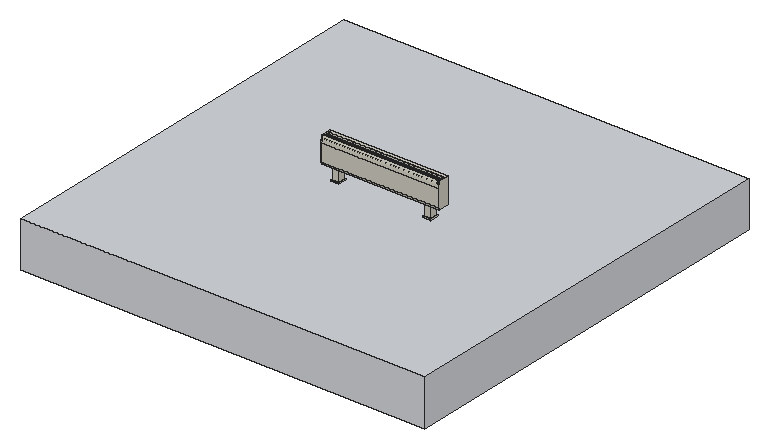
Revit family "Convection_Heater-QMark-DBSL", category Mechanical Equipment, host Face, Revit 2016
Family settings
  Host = Face
  Part Type = Normal
  Round Connector Dimension = Use Diameter
  OmniClass Number = 23.75.70.17.14
  OmniClass Title = Convectors
  Cut with Voids When Loaded = No
  Shared = No
  Room Calculation Point = No
Parameters (values of type "DBSL01")
  Width = 0' - 3 5/8"  # constant formula
  Watts = 250 W
  WMF [instance] = if(and(WM, Front Inlet), 1 = 1, 1 = 0)  # no
  WMB [instance] = if(and(WM, Bottom Inlet), 1 = 1, 1 = 0)  # no
  WM [instance] = not(Pedestal Mount)  # no
  Voltage = 240 V
  URL = "http://www.marleymep.com/en/QMARK/"
  Product Page URL = "https://www.marleymep.com/products/qmark/slimline-aluminum-convector-dbsl-series"
  Product Name = "Slimline Aluminum Convector - DBSL Series"  # constant formula
  Product Documentation Link = "https://www.marleymep.com/system/files/node/file/field-file//zss-qslc.pdf"
  Power Factor = 1
  Phase = 2
  Pedestal Mount [instance] = yes
  PF [instance] = if(and(Pedestal Mount, Front Inlet), 1 = 1, 1 = 0)  # no
  PB [instance] = if(and(Pedestal Mount, Bottom Inlet), 1 = 1, 1 = 0)  # yes
  Number of Poles = 1
  Model = "DBSL"  # constant formula
  Minimum Distance From Window Sill = 1' - 0"
  Minimum Distance From Drapes = 0' - 2"
  Material = ""
  Manufacturer = "Marley Engineered Products"  # constant formula
  Length Constraint = if(Length < 2' 4", 2' 4", if(Length > 15' 0", 15' 0", Length))  # 2' - 4"
  Length = 2' - 0"
  Height = 0' - 6"  # constant formula
  Front Inlet [instance] = not(Bottom Inlet)  # no
  Frequency = 60 Hz
  Description = "Architectural Electric Convectors"  # constant formula
  Default Elevation = 0' - 3"
  Clearance On [instance] = yes
  Casing = Metal - QMark - Paint - Beige
  Bottom Inlet [instance] = yes
  Apparent Load = 0 VA
  Amps = 0.8 A
Types (10): name | Watts | WMF | WM | URL | Pedestal Mount | PB | Length Constraint | Length | Front Inlet | Bottom Inlet
  DBSL01 | 250 W | no | no | "http://www.marleymep.com/en/QMARK/" | yes | yes | 2' - 4" | 2' - 0" | no | yes
  DBSL02 | 233 W | no | no | "http://www.marleymep.com/en/qmark/" | yes | yes | 2' - 4" | 2' - 4" | no | yes
  DBSL03 | 300 W | yes | yes | "http://www.marleymep.com/en/QMARK/" | no | no | 3' - 0" | 3' - 0" | yes | no
  DBSL04 | 400 W | no | no | "http://www.marleymep.com/en/qmark/" | yes | yes | 4' - 0" | 4' - 0" | no | yes
  DBSL05 | 500 W | no | no | "http://www.marleymep.com/en/qmark/" | yes | yes | 5' - 0" | 5' - 0" | no | yes
  DBSL06 | 600 W | no | no | "http://www.marleymep.com/en/qmark/" | yes | yes | 6' - 0" | 6' - 0" | no | yes
  DBSL07 | 700 W | no | no | "http://www.marleymep.com/en/qmark/" | yes | yes | 7' - 0" | 7' - 0" | no | yes
  DBSL08 | 800 W | no | no | "http://www.marleymep.com/en/qmark/" | yes | yes | 8' - 0" | 8' - 0" | no | yes
  DBSL09 | 900 W | no | no | "http://www.marleymep.com/en/qmark/" | yes | yes | 9' - 0" | 9' - 0" | no | yes
  DBSL10 | 1000 W | no | no | "http://www.marleymep.com/en/qmark/" | yes | yes | 10' - 0" | 10' - 0" | no | yes
Reference planes (in)
  plane 1 "Center (Front/Back)": y = 0
  plane 2: z = -1.04
  plane 3 "Center (Left/Right)": x = 0
  plane 4 "Top": y = 3
  plane 5 "Bottom": y = -3
  plane 6 "Left": x = 14
  plane 7 "Right": x = -14
  plane 8 "Front": z = 2.585
  plane 9: z = 0.7725
  plane 10 "Back": z = -1.04
  plane 11: y = 2.93153
  plane 12: y = 2.73607
  plane 13: x = -13.9375
  plane 14: x = 13.9375
  plane 15: z = 16.14329
  plane 16: z = 15.94783
  plane 17: y = 1.2925
  plane 18: y = -1.2925
  plane 19: z = 1.96
  plane 20: z = 8.01915
  plane 21: z = -0.79
  plane 22: z = 16.14329
  plane 23: z = 15.94783
  plane 24: y = 2.93153
  plane 25: y = 2.73607
Forms (in)
  Extrusion 1, solid
    sketch origin (0, 0, 0) x (1, 0, 0) y (0, 1, 0)
      loop
        line (-48, 48) -> (-48, -48) -> (48, -48) -> (48, 48) -> (-48, 48)
    from -1.04 to -12
  Extrusion 2, solid, material "Metal - QMark - Paint - Beige" <- "Casing", visible <- "WMF"
    sketch origin (0, 0, -1.04) x (0, 1, 0) y (0, 0, 1)
      loop
        line (-2.47742, 2.585) -> (-3.00742, 2.44299) -> (-3.00742, 2.36299) -> (-2.77958, 2.28006) -> (-2.77958, 2.13401) -> (-3.02958, 2.225) -> (-3.02958, 2.13987) -> (-2.77958, 2.04887) -> (-2.77958, 0.5) -> (-3.02958, 0.5) -> (-3.02958, 0) -> (3.02958, 0) -> (3.02958, 0.585)
        arc (3.02958, 0.585) -> (3.01786, 0.61328) -> (2.98958, 0.625) r 0.04
        line (2.98958, 0.625) -> (2.56958, 0.625)
        arc (2.56958, 0.625) -> (2.54129, 0.63672) -> (2.52958, 0.665) r 0.04
        line (2.52958, 0.665) -> (2.52958, 0.905)
        arc (2.52958, 0.905) -> (2.54129, 0.93328) -> (2.56958, 0.945) r 0.04
        line (2.56958, 0.945) -> (2.73958, 0.945)
        arc (2.73958, 0.945) -> (2.76786, 0.95672) -> (2.77958, 0.985) r 0.04
        arc (2.77958, 0.985) -> (2.76786, 1.01328) -> (2.73958, 1.025) r 0.04
        line (2.73958, 1.025) -> (2.56958, 1.025)
        arc (2.56958, 1.025) -> (2.54129, 1.03672) -> (2.52958, 1.065) r 0.04
        line (2.52958, 1.065) -> (2.52958, 1.305)
        arc (2.52958, 1.305) -> (2.54129, 1.33328) -> (2.56958, 1.345) r 0.04
        line (2.56958, 1.345) -> (2.73958, 1.345)
        arc (2.73958, 1.345) -> (2.76786, 1.35672) -> (2.77958, 1.385) r 0.04
        arc (2.77958, 1.385) -> (2.76786, 1.41328) -> (2.73958, 1.425) r 0.04
        line (2.73958, 1.425) -> (2.56958, 1.425)
        arc (2.56958, 1.425) -> (2.54129, 1.43672) -> (2.52958, 1.465) r 0.04
        line (2.52958, 1.465) -> (2.52958, 1.705)
        arc (2.52958, 1.705) -> (2.54129, 1.73328) -> (2.56958, 1.745) r 0.04
        line (2.56958, 1.745) -> (2.73958, 1.745)
        arc (2.73958, 1.745) -> (2.76786, 1.75672) -> (2.77958, 1.785) r 0.04
        arc (2.77958, 1.785) -> (2.76786, 1.81328) -> (2.73958, 1.825) r 0.04
        line (2.73958, 1.825) -> (2.56958, 1.825)
        arc (2.56958, 1.825) -> (2.54129, 1.83672) -> (2.52958, 1.865) r 0.04
        line (2.52958, 1.865) -> (2.52958, 2.27722)
        arc (2.52958, 2.27722) -> (2.54663, 2.30999) -> (2.58326, 2.31481) r 0.04
        arc (2.58326, 2.31481) -> (2.78, 2.23562) -> (2.97098, 2.14338) r 3.154
        arc (2.97098, 2.14338) -> (3.01027, 2.14456) -> (3.02958, 2.17879) r 0.04
        arc (3.02958, 2.17879) -> (3.02381, 2.19948) -> (3.00817, 2.21421) r 0.04
        arc (3.00817, 2.21421) -> (2.2789, 2.49093) -> (1.50458, 2.585) r 3.234
        line (1.50458, 2.585) -> (-0.49242, 2.585)
        arc (-0.49242, 2.585) -> (-0.52071, 2.57328) -> (-0.53242, 2.545) r 0.04
        line (-0.53242, 2.545) -> (-0.53242, 2.375)
        arc (-0.53242, 2.375) -> (-0.54414, 2.34672) -> (-0.57242, 2.335) r 0.04
        line (-0.57242, 2.335) -> (-0.81242, 2.335)
        arc (-0.81242, 2.335) -> (-0.84071, 2.34672) -> (-0.85242, 2.375) r 0.04
        line (-0.85242, 2.375) -> (-0.85242, 2.545)
        arc (-0.85242, 2.545) -> (-0.86414, 2.57328) -> (-0.89242, 2.585) r 0.04
        arc (-0.89242, 2.585) -> (-0.92071, 2.57328) -> (-0.93242, 2.545) r 0.04
        line (-0.93242, 2.545) -> (-0.93242, 2.375)
        arc (-0.93242, 2.375) -> (-0.94414, 2.34672) -> (-0.97242, 2.335) r 0.04
        line (-0.97242, 2.335) -> (-1.21242, 2.335)
        arc (-1.21242, 2.335) -> (-1.24071, 2.34672) -> (-1.25242, 2.375) r 0.04
        line (-1.25242, 2.375) -> (-1.25242, 2.545)
        arc (-1.25242, 2.545) -> (-1.26414, 2.57328) -> (-1.29242, 2.585) r 0.04
        arc (-1.29242, 2.585) -> (-1.32071, 2.57328) -> (-1.33242, 2.545) r 0.04
        line (-1.33242, 2.545) -> (-1.33242, 2.375)
        arc (-1.33242, 2.375) -> (-1.34414, 2.34672) -> (-1.37242, 2.335) r 0.04
        line (-1.37242, 2.335) -> (-1.61242, 2.335)
        arc (-1.61242, 2.335) -> (-1.64071, 2.34672) -> (-1.65242, 2.375) r 0.04
        line (-1.65242, 2.375) -> (-1.65242, 2.545)
        arc (-1.65242, 2.545) -> (-1.66414, 2.57328) -> (-1.69242, 2.585) r 0.04
        arc (-1.69242, 2.585) -> (-1.72071, 2.57328) -> (-1.73242, 2.545) r 0.04
        line (-1.73242, 2.545) -> (-1.73242, 2.375)
        arc (-1.73242, 2.375) -> (-1.74414, 2.34672) -> (-1.77242, 2.335) r 0.04
        line (-1.77242, 2.335) -> (-2.01242, 2.335)
        arc (-2.01242, 2.335) -> (-2.04071, 2.34672) -> (-2.05242, 2.375) r 0.04
        line (-2.05242, 2.375) -> (-2.05242, 2.545)
        arc (-2.05242, 2.545) -> (-2.06414, 2.57328) -> (-2.09242, 2.585) r 0.04
        line (-2.09242, 2.585) -> (-2.47742, 2.585)
    from -13.9375 to 13.9375
  Extrusion 3, solid, material "Metal - QMark - Paint - Beige" <- "Casing", visible <- "WM"
    sketch origin (0, 0, 0) x (0, 1, 0) y (0, 0, 1)
      loop
        line (-3.02958, -1.04) -> (3.02958, -1.04) -> (3.02958, -0.41573) -> (3.02958, 1.16286)
        arc (3.02958, 1.16286) -> (2.29065, 1.44801) -> (1.50458, 1.545) r 3.234
        line (1.50458, 1.545) -> (-0.53242, 1.545) -> (-2.05242, 1.545) -> (-2.47742, 1.545) -> (-3.02958, 1.39705) -> (-3.02958, 1.32299) -> (-3.02958, -0.54) -> (-3.02958, -1.04)
    from 13.9375 to 14
  Extrusion 4, solid, material "Metal - QMark - Paint - Beige" <- "Casing", visible <- "WM"
    sketch origin (-27.9375, 0, 0) x (0, 1, 0) y (0, 0, 1)
      loop
        line (-3.02958, -1.04) -> (3.02958, -1.04) -> (3.02958, -0.41573) -> (3.02958, 1.16286)
        arc (3.02958, 1.16286) -> (2.29065, 1.44801) -> (1.50458, 1.545) r 3.234
        line (1.50458, 1.545) -> (-0.53242, 1.545) -> (-2.05242, 1.545) -> (-2.47742, 1.545) -> (-3.02958, 1.39705) -> (-3.02958, 1.32299) -> (-3.02958, -0.54) -> (-3.02958, -1.04)
    from 13.9375 to 14
  Extrusion 5, solid, material "Metal - QMark - Paint - Beige" <- "Casing", visible <- "WMF"
    sketch origin (0, 1.2925, 13.21176) x (0, 0, 1) y (0, -1, 0)
      loop
        line (-10.6996, 2.585) -> (-11.2296, 2.44299) -> (-11.2296, 2.36299) -> (-11.00176, 2.28006) -> (-11.00176, 2.13401) -> (-11.25176, 2.225) -> (-11.25176, 2.13987) -> (-11.00176, 2.04887) -> (-11.00176, 0.5) -> (-11.25176, 0.5) -> (-11.25176, 0) -> (-5.1926, 0) -> (-5.1926, 0.585)
        arc (-5.1926, 0.585) -> (-5.20432, 0.61328) -> (-5.2326, 0.625) r 0.04
        line (-5.2326, 0.625) -> (-5.6526, 0.625)
        arc (-5.6526, 0.625) -> (-5.68089, 0.63672) -> (-5.6926, 0.665) r 0.04
        line (-5.6926, 0.665) -> (-5.6926, 0.905)
        arc (-5.6926, 0.905) -> (-5.68089, 0.93328) -> (-5.6526, 0.945) r 0.04
        line (-5.6526, 0.945) -> (-5.4826, 0.945)
        arc (-5.4826, 0.945) -> (-5.45432, 0.95672) -> (-5.4426, 0.985) r 0.04
        arc (-5.4426, 0.985) -> (-5.45432, 1.01328) -> (-5.4826, 1.025) r 0.04
        line (-5.4826, 1.025) -> (-5.6526, 1.025)
        arc (-5.6526, 1.025) -> (-5.68089, 1.03672) -> (-5.6926, 1.065) r 0.04
        line (-5.6926, 1.065) -> (-5.6926, 1.305)
        arc (-5.6926, 1.305) -> (-5.68089, 1.33328) -> (-5.6526, 1.345) r 0.04
        line (-5.6526, 1.345) -> (-5.4826, 1.345)
        arc (-5.4826, 1.345) -> (-5.45432, 1.35672) -> (-5.4426, 1.385) r 0.04
        arc (-5.4426, 1.385) -> (-5.45432, 1.41328) -> (-5.4826, 1.425) r 0.04
        line (-5.4826, 1.425) -> (-5.6526, 1.425)
        arc (-5.6526, 1.425) -> (-5.68089, 1.43672) -> (-5.6926, 1.465) r 0.04
        line (-5.6926, 1.465) -> (-5.6926, 1.705)
        arc (-5.6926, 1.705) -> (-5.68089, 1.73328) -> (-5.6526, 1.745) r 0.04
        line (-5.6526, 1.745) -> (-5.4826, 1.745)
        arc (-5.4826, 1.745) -> (-5.45432, 1.75672) -> (-5.4426, 1.785) r 0.04
        arc (-5.4426, 1.785) -> (-5.45432, 1.81328) -> (-5.4826, 1.825) r 0.04
        line (-5.4826, 1.825) -> (-5.6526, 1.825)
        arc (-5.6526, 1.825) -> (-5.68089, 1.83672) -> (-5.6926, 1.865) r 0.04
        line (-5.6926, 1.865) -> (-5.6926, 2.27722)
        arc (-5.6926, 2.27722) -> (-5.67555, 2.30999) -> (-5.63892, 2.31481) r 0.04
        arc (-5.63892, 2.31481) -> (-5.44218, 2.23562) -> (-5.2512, 2.14338) r 3.154
        arc (-5.2512, 2.14338) -> (-5.21191, 2.14456) -> (-5.1926, 2.17879) r 0.04
        arc (-5.1926, 2.17879) -> (-5.19837, 2.19948) -> (-5.21401, 2.21421) r 0.04
        arc (-5.21401, 2.21421) -> (-5.94328, 2.49093) -> (-6.7176, 2.585) r 3.234
        line (-6.7176, 2.585) -> (-8.7146, 2.585)
        arc (-8.7146, 2.585) -> (-8.74289, 2.57328) -> (-8.7546, 2.545) r 0.04
        line (-8.7546, 2.545) -> (-8.7546, 2.375)
        arc (-8.7546, 2.375) -> (-8.76632, 2.34672) -> (-8.7946, 2.335) r 0.04
        line (-8.7946, 2.335) -> (-9.0346, 2.335)
        arc (-9.0346, 2.335) -> (-9.06289, 2.34672) -> (-9.0746, 2.375) r 0.04
        line (-9.0746, 2.375) -> (-9.0746, 2.545)
        arc (-9.0746, 2.545) -> (-9.08632, 2.57328) -> (-9.1146, 2.585) r 0.04
        arc (-9.1146, 2.585) -> (-9.14289, 2.57328) -> (-9.1546, 2.545) r 0.04
        line (-9.1546, 2.545) -> (-9.1546, 2.375)
        arc (-9.1546, 2.375) -> (-9.16632, 2.34672) -> (-9.1946, 2.335) r 0.04
        line (-9.1946, 2.335) -> (-9.4346, 2.335)
        arc (-9.4346, 2.335) -> (-9.46289, 2.34672) -> (-9.4746, 2.375) r 0.04
        line (-9.4746, 2.375) -> (-9.4746, 2.545)
        arc (-9.4746, 2.545) -> (-9.48632, 2.57328) -> (-9.5146, 2.585) r 0.04
        arc (-9.5146, 2.585) -> (-9.54289, 2.57328) -> (-9.5546, 2.545) r 0.04
        line (-9.5546, 2.545) -> (-9.5546, 2.375)
        arc (-9.5546, 2.375) -> (-9.56632, 2.34672) -> (-9.5946, 2.335) r 0.04
        line (-9.5946, 2.335) -> (-9.8346, 2.335)
        arc (-9.8346, 2.335) -> (-9.86289, 2.34672) -> (-9.8746, 2.375) r 0.04
        line (-9.8746, 2.375) -> (-9.8746, 2.545)
        arc (-9.8746, 2.545) -> (-9.88632, 2.57328) -> (-9.9146, 2.585) r 0.04
        arc (-9.9146, 2.585) -> (-9.94289, 2.57328) -> (-9.9546, 2.545) r 0.04
        line (-9.9546, 2.545) -> (-9.9546, 2.375)
        arc (-9.9546, 2.375) -> (-9.96632, 2.34672) -> (-9.9946, 2.335) r 0.04
        line (-9.9946, 2.335) -> (-10.2346, 2.335)
        arc (-10.2346, 2.335) -> (-10.26289, 2.34672) -> (-10.2746, 2.375) r 0.04
        line (-10.2746, 2.375) -> (-10.2746, 2.545)
        arc (-10.2746, 2.545) -> (-10.28632, 2.57328) -> (-10.3146, 2.585) r 0.04
        line (-10.3146, 2.585) -> (-10.6996, 2.585)
    from -13.9375 to 13.9375
  Extrusion 6, solid, material "Metal - QMark - Paint - Beige" <- "Casing", visible <- "Pedestal Mount"
    sketch origin (0, 0.2525, 13.21176) x (0, 0, 1) y (0, -1, 0)
      loop
        line (-11.25176, -1.04) -> (-5.1926, -1.04) -> (-5.1926, -0.41573) -> (-5.1926, 1.16286)
        arc (-5.1926, 1.16286) -> (-5.93153, 1.44801) -> (-6.7176, 1.545) r 3.234
        line (-6.7176, 1.545) -> (-8.7546, 1.545) -> (-10.2746, 1.545) -> (-10.6996, 1.545) -> (-11.25176, 1.39705) -> (-11.25176, 1.32299) -> (-11.25176, -0.54) -> (-11.25176, -1.04)
    from 13.9375 to 14
  Extrusion 7, solid, material "Metal - QMark - Paint - Beige" <- "Casing", visible <- "Pedestal Mount"
    sketch origin (-27.9375, 0.2525, 13.21176) x (0, 0, 1) y (0, -1, 0)
      loop
        line (-11.25176, -1.04) -> (-5.1926, -1.04) -> (-5.1926, -0.41573) -> (-5.1926, 1.16286)
        arc (-5.1926, 1.16286) -> (-5.93153, 1.44801) -> (-6.7176, 1.545) r 3.234
        line (-6.7176, 1.545) -> (-8.7546, 1.545) -> (-10.2746, 1.545) -> (-10.6996, 1.545) -> (-11.25176, 1.39705) -> (-11.25176, 1.32299) -> (-11.25176, -0.54) -> (-11.25176, -1.04)
    from 13.9375 to 14
  Extrusion 8, solid, material "Metal - QMark - Paint - Beige" <- "Casing", visible <- "Pedestal Mount"
    sketch origin (0, 0, 0) x (1, 0, 0) y (0, 1, 0)
      loop
        line (-11.9375, 1) -> (-11.9375, -1) -> (-9.9375, -1) -> (-9.9375, 1) -> (-11.9375, 1)
      loop
        line (11.9375, 1) -> (9.9375, 1) -> (9.9375, -1) -> (11.9375, -1) -> (11.9375, 1)
    from -1.04 to -0.79
  Extrusion 9, solid, material "Metal - QMark - Paint - Beige" <- "Casing", visible <- "Pedestal Mount"
    sketch origin (0, 0, 0) x (1, 0, 0) y (0, 1, 0)
      loop
        line (-10.1875, 0.75) -> (-11.6875, 0.75) -> (-11.6875, -0.75) -> (-10.1875, -0.75) -> (-10.1875, 0.75)
      loop
        line (11.6875, 0.75) -> (10.1875, 0.75) -> (10.1875, -0.75) -> (11.6875, -0.75) -> (11.6875, 0.75)
    from -0.79 to 1.96
  Extrusion 10, solid, material "Metal - QMark - Paint - Beige" <- "Casing", visible <- "PB"
    sketch origin (0, 1.2925, 13.21176) x (0, 0, 1) y (0, -1, 0)
      loop
        line (-10.6996, 2.585) -> (-11.2296, 2.44299) -> (-11.2296, 2.36299) -> (-11.00176, 2.28006) -> (-11.00176, 2.13401) -> (-11.25176, 2.225) -> (-11.25176, 2.13987) -> (-11.00176, 2.04887) -> (-11.00176, 0.5) -> (-11.25176, 0.5) -> (-11.25176, 0) -> (-5.1926, 0) -> (-5.1926, 0.585)
        arc (-5.1926, 0.585) -> (-5.20432, 0.61328) -> (-5.2326, 0.625) r 0.04
        line (-5.2326, 0.625) -> (-5.6526, 0.625)
        arc (-5.6526, 0.625) -> (-5.68089, 0.63672) -> (-5.6926, 0.665) r 0.04
        line (-5.6926, 0.665) -> (-5.6926, 0.905)
        arc (-5.6926, 0.905) -> (-5.68089, 0.93328) -> (-5.6526, 0.945) r 0.04
        line (-5.6526, 0.945) -> (-5.4826, 0.945)
        arc (-5.4826, 0.945) -> (-5.45432, 0.95672) -> (-5.4426, 0.985) r 0.04
        arc (-5.4426, 0.985) -> (-5.45432, 1.01328) -> (-5.4826, 1.025) r 0.04
        line (-5.4826, 1.025) -> (-5.6526, 1.025)
        arc (-5.6526, 1.025) -> (-5.68089, 1.03672) -> (-5.6926, 1.065) r 0.04
        line (-5.6926, 1.065) -> (-5.6926, 1.305)
        arc (-5.6926, 1.305) -> (-5.68089, 1.33328) -> (-5.6526, 1.345) r 0.04
        line (-5.6526, 1.345) -> (-5.4826, 1.345)
        arc (-5.4826, 1.345) -> (-5.45432, 1.35672) -> (-5.4426, 1.385) r 0.04
        arc (-5.4426, 1.385) -> (-5.45432, 1.41328) -> (-5.4826, 1.425) r 0.04
        line (-5.4826, 1.425) -> (-5.6526, 1.425)
        arc (-5.6526, 1.425) -> (-5.68089, 1.43672) -> (-5.6926, 1.465) r 0.04
        line (-5.6926, 1.465) -> (-5.6926, 1.705)
        arc (-5.6926, 1.705) -> (-5.68089, 1.73328) -> (-5.6526, 1.745) r 0.04
        line (-5.6526, 1.745) -> (-5.4826, 1.745)
        arc (-5.4826, 1.745) -> (-5.45432, 1.75672) -> (-5.4426, 1.785) r 0.04
        arc (-5.4426, 1.785) -> (-5.45432, 1.81328) -> (-5.4826, 1.825) r 0.04
        line (-5.4826, 1.825) -> (-5.6526, 1.825)
        arc (-5.6526, 1.825) -> (-5.68089, 1.83672) -> (-5.6926, 1.865) r 0.04
        line (-5.6926, 1.865) -> (-5.6926, 2.27722)
        arc (-5.6926, 2.27722) -> (-5.67555, 2.30999) -> (-5.63892, 2.31481) r 0.04
        arc (-5.63892, 2.31481) -> (-5.44218, 2.23562) -> (-5.2512, 2.14338) r 3.154
        arc (-5.2512, 2.14338) -> (-5.21191, 2.14456) -> (-5.1926, 2.17879) r 0.04
        arc (-5.1926, 2.17879) -> (-5.19837, 2.19948) -> (-5.21401, 2.21421) r 0.04
        arc (-5.21401, 2.21421) -> (-5.94328, 2.49093) -> (-6.7176, 2.585) r 3.234
        line (-6.7176, 2.585) -> (-10.6996, 2.585)
    from -13.9375 to 13.9375
  Extrusion 11, solid, material "Metal - QMark - Paint - Beige" <- "Casing", visible <- "WMB"
    sketch origin (0, 0, -1.04) x (0, 1, 0) y (0, 0, 1)
      loop
        line (-2.47742, 2.585) -> (-3.00742, 2.44299) -> (-3.00742, 2.36299) -> (-2.77958, 2.28006) -> (-2.77958, 2.13401) -> (-3.02958, 2.225) -> (-3.02958, 2.13987) -> (-2.77958, 2.04887) -> (-2.77958, 0.5) -> (-3.02958, 0.5) -> (-3.02958, 0) -> (3.02958, 0) -> (3.02958, 0.585)
        arc (3.02958, 0.585) -> (3.01786, 0.61328) -> (2.98958, 0.625) r 0.04
        line (2.98958, 0.625) -> (2.56958, 0.625)
        arc (2.56958, 0.625) -> (2.54129, 0.63672) -> (2.52958, 0.665) r 0.04
        line (2.52958, 0.665) -> (2.52958, 0.905)
        arc (2.52958, 0.905) -> (2.54129, 0.93328) -> (2.56958, 0.945) r 0.04
        line (2.56958, 0.945) -> (2.73958, 0.945)
        arc (2.73958, 0.945) -> (2.76786, 0.95672) -> (2.77958, 0.985) r 0.04
        arc (2.77958, 0.985) -> (2.76786, 1.01328) -> (2.73958, 1.025) r 0.04
        line (2.73958, 1.025) -> (2.56958, 1.025)
        arc (2.56958, 1.025) -> (2.54129, 1.03672) -> (2.52958, 1.065) r 0.04
        line (2.52958, 1.065) -> (2.52958, 1.305)
        arc (2.52958, 1.305) -> (2.54129, 1.33328) -> (2.56958, 1.345) r 0.04
        line (2.56958, 1.345) -> (2.73958, 1.345)
        arc (2.73958, 1.345) -> (2.76786, 1.35672) -> (2.77958, 1.385) r 0.04
        arc (2.77958, 1.385) -> (2.76786, 1.41328) -> (2.73958, 1.425) r 0.04
        line (2.73958, 1.425) -> (2.56958, 1.425)
        arc (2.56958, 1.425) -> (2.54129, 1.43672) -> (2.52958, 1.465) r 0.04
        line (2.52958, 1.465) -> (2.52958, 1.705)
        arc (2.52958, 1.705) -> (2.54129, 1.73328) -> (2.56958, 1.745) r 0.04
        line (2.56958, 1.745) -> (2.73958, 1.745)
        arc (2.73958, 1.745) -> (2.76786, 1.75672) -> (2.77958, 1.785) r 0.04
        arc (2.77958, 1.785) -> (2.76786, 1.81328) -> (2.73958, 1.825) r 0.04
        line (2.73958, 1.825) -> (2.56958, 1.825)
        arc (2.56958, 1.825) -> (2.54129, 1.83672) -> (2.52958, 1.865) r 0.04
        line (2.52958, 1.865) -> (2.52958, 2.27722)
        arc (2.52958, 2.27722) -> (2.54663, 2.30999) -> (2.58326, 2.31481) r 0.04
        arc (2.58326, 2.31481) -> (2.78, 2.23562) -> (2.97098, 2.14338) r 3.154
        arc (2.97098, 2.14338) -> (3.01027, 2.14456) -> (3.02958, 2.17879) r 0.04
        arc (3.02958, 2.17879) -> (3.02381, 2.19948) -> (3.00817, 2.21421) r 0.04
        arc (3.00817, 2.21421) -> (2.2789, 2.49093) -> (1.50458, 2.585) r 3.234
        line (1.50458, 2.585) -> (-2.47742, 2.585)
    from -13.9375 to 13.9375
Lines and regions (in)
  Masking region 1
    outline origin (0, 0, 0) x (1, 0, 0) y (0, 0, 1)
      loop
        line (14, 2.585) -> (-14, 2.585) -> (-14, -1.04) -> (14, -1.04) -> (14, 2.585)
  symbolic lines, detail levels medium+fine
    curve 1: line (14, 0, 2.35351) -> (-14, 0, 2.35351)
  symbolic lines, style "MechanicalEquipmentHiddenLines", visible <- "Clearance On"
    curve 2: line (-14, 15, 0) -> (14, 15, 0)
    curve 3: line (-14, 3, 0) -> (-14, 15, 0)
    curve 4: line (14, 15, 0) -> (14, 3, 0)
    curve 5: line (14, 0, 4.585) -> (14, 0, 2.585)
    curve 6: line (-14, 0, 4.585) -> (14, 0, 4.585)
    curve 7: line (-14, 0, 2.585) -> (-14, 0, 4.585)
Dimensions and locks (in)
  equal spacing: plane 6 "Left", plane 3 "Center (Left/Right)", plane 7 "Right"
  equal spacing: plane 10 "Back", plane 9, plane 8 "Front"
  equal spacing: plane 4 "Top", plane 1 "Center (Front/Back)", plane 5 "Bottom"
  "Height": plane 4 "Top" to plane 5 "Bottom"
  "Length Constraint": plane 6 "Left" to plane 7 "Right"
  "Width": plane 10 "Back" to plane 8 "Front"
  plane 4 "Top" to plane 11 to plane 12 = 0' - 0.06847" locked, 0' - 0.19546" locked
  locked: plane 7 "Right" to plane 13 at 0.0625
  locked: plane 14 to plane 6 "Left" at 0.0625
  locked: curve 1 to plane 8 "Front" at 0.23149
  "Minimum Distance From Window Sill": curve 2 to plane 4 "Top"
  "Minimum Distance From Drapes": plane 8 "Front" to curve 6
  locked: plane 15 to plane 16 at 0.19546
  equal spacing: plane 17, plane 1 "Center (Front/Back)", plane 18
  locked: plane 19 to plane 20 at 6.05915
  locked: Extrusion 1 to plane 19 at 3
  locked: Extrusion 7 sketch curve to plane 18 at 0.14795
  locked: plane 19 to Extrusion 7 sketch curve at 0.55215
  locked: Extrusion 7 sketch curve to plane 20 at 1.525
  locked: Extrusion 7 sketch curve to plane 18 at 0.38214
  locked: Extrusion 7 sketch curve to plane 18 at 3.234
  plane 17 to Extrusion 7 to Extrusion 5 sketch curve to Extrusion 5 sketch curve to Extrusion 5 sketch curve to Extrusion 5 sketch curve to Extrusion 5 sketch curve to Extrusion 5 sketch curve to Extrusion 5 sketch curve to Extrusion 5 sketch curve to Extrusion 5 sketch curve to Extrusion 5 sketch curve to Extrusion 5 sketch curve to Extrusion 5 sketch curve to Extrusion 5 sketch curve to Extrusion 5 sketch curve to Extrusion 5 sketch curve to Extrusion 5 sketch curve to Extrusion 5 sketch curve to Extrusion 5 sketch curve = 0' - 0" locked, 0' - 0.585" locked, 0' - 0.04" locked, 0' - 0.04" locked, 0' - 0.24" locked, 0' - 0.04" locked, 0' - 0.08" locked, 0' - 0.04" locked, 0' - 0.24" locked, 0' - 0.04" locked, 0' - 0.08" locked, 0' - 0.04" locked, 0' - 0.24" locked, 0' - 0.04" locked, 0' - 0.08" locked, 0' - 0.04" locked, 0' - 0.31379" locked, 0' - 0" locked, 0' - 0.09843" locked
  plane 17 to Extrusion 5 sketch curve to Extrusion 5 sketch curve to Extrusion 5 sketch curve to Extrusion 5 sketch curve to Extrusion 5 sketch curve to Extrusion 5 sketch curve to Extrusion 5 sketch curve to Extrusion 5 sketch curve = 0' - 0 1/2", 0' - 1.54887", 0' - 0.08513", 0' - 0.00586", 0' - 0.08513", 0' - 0.05506", 0' - 0.08293", 0' - 0.08"
  plane 19 to Extrusion 5 sketch curve to Extrusion 5 sketch curve to Extrusion 5 sketch curve to Extrusion 5 sketch curve to Extrusion 5 sketch curve to Extrusion 5 sketch curve to Extrusion 5 sketch curve to Extrusion 5 sketch curve to Extrusion 5 sketch curve to Extrusion 5 sketch curve to Extrusion 5 sketch curve to Extrusion 5 sketch curve to Extrusion 5 sketch curve to Extrusion 5 sketch curve to Extrusion 5 sketch curve to Extrusion 5 sketch curve to Extrusion 5 sketch curve to Extrusion 5 sketch curve = 0' - 0.93715", 0' - 0.04" locked, 0' - 0.04" locked, 0' - 0.24" locked, 0' - 0.04" locked, 0' - 0.04" locked, 0' - 0.04" locked, 0' - 0.04" locked, 0' - 0.28" locked, 0' - 0.04" locked, 0' - 0.04" locked, 0' - 0.28" locked, 0' - 0.04" locked, 0' - 0.04" locked, 0' - 0.04" locked, 0' - 0.04" locked, 0' - 0.24" locked, 0' - 0.04" locked
  locked: Extrusion 6 sketch curve to plane 20 at 1.525
  locked: Extrusion 6 sketch curve to plane 18 at 0.38214
  locked: plane 19 to Extrusion 6 sketch curve at 0.55215
  locked: Extrusion 6 sketch curve to plane 18 at 0.14795
  locked: Extrusion 6 sketch curve to plane 18 at 3.234
  plane 19 to Extrusion 5 sketch curve = 0' - 0.02215"
  plane 13 to Extrusion 8 sketch curve to Extrusion 8 sketch curve = 0' - 2" locked, 0' - 2" locked
  Extrusion 8 sketch curve to plane 1 "Center (Front/Back)" to Extrusion 8 sketch curve = 0' - 1" locked, 0' - 1" locked  (x2)
  plane 14 to Extrusion 8 sketch curve to Extrusion 8 sketch curve = 0' - 2" locked, 0' - 2" locked
  locked: plane 21 to plane 10 "Back" at 0.25
  plane 13 to Extrusion 9 sketch curve to Extrusion 9 sketch curve = 0' - 2 1/4" locked, 0' - 1 1/2" locked
  Extrusion 9 sketch curve to plane 1 "Center (Front/Back)" to Extrusion 9 sketch curve = 0' - 0 3/4" locked, 0' - 0 3/4" locked  (x2)
  Extrusion 9 sketch curve to Extrusion 9 sketch curve to plane 6 "Left" = 0' - 1 1/2" locked, 0' - 2 5/16" locked
  locked: plane 22 to plane 23 at 0.19546
  Extrusion 10 sketch curve to Extrusion 10 sketch curve to Extrusion 10 sketch curve to Extrusion 10 sketch curve to Extrusion 10 sketch curve to Extrusion 10 sketch curve to Extrusion 10 sketch curve to Extrusion 10 sketch curve to Extrusion 10 sketch curve to Extrusion 10 sketch curve to Extrusion 10 sketch curve to Extrusion 10 sketch curve to Extrusion 10 sketch curve to Extrusion 10 sketch curve to Extrusion 10 sketch curve to Extrusion 10 sketch curve to Extrusion 10 sketch curve to Extrusion 10 sketch curve = 0' - 0.04" locked, 0' - 0.04" locked, 0' - 0.24" locked, 0' - 0.04" locked, 0' - 0.08" locked, 0' - 0.04" locked, 0' - 0.24" locked, 0' - 0.04" locked, 0' - 0.08" locked, 0' - 0.04" locked, 0' - 0.24" locked, 0' - 0.04" locked, 0' - 0.08" locked, 0' - 0.04" locked, 0' - 0.31379" locked, 0' - 0" locked, 0' - 0.09843" locked
  Extrusion 10 sketch curve to Extrusion 10 sketch curve to Extrusion 10 sketch curve to Extrusion 10 sketch curve to Extrusion 10 sketch curve to Extrusion 10 sketch curve to Extrusion 10 sketch curve to Extrusion 10 sketch curve = 0' - 1.54887", 0' - 0.08513", 0' - 0.00586", 0' - 0.08513", 0' - 0.05506", 0' - 0.08293", 0' - 0.08"
  locked: plane 24 to plane 25 at 0.19546
  aligned and locked: plane 2 to Extrusion 1
  aligned and locked: plane 6 "Left" to Extrusion 3
  aligned and locked: Extrusion 3 to plane 14
  aligned and locked: plane 14 to Extrusion 2
  aligned and locked: Extrusion 2 to plane 13
  aligned and locked: Extrusion 4 to plane 7 "Right"
  aligned and locked: plane 13 to Extrusion 4
  aligned and locked: plane 10 "Back" to Extrusion 4 sketch curve
  aligned and locked: plane 2 to plane 10 "Back"
  aligned and locked: plane 7 "Right" to Masking region 1 sketch curve
  aligned and locked: Masking region 1 sketch curve to plane 8 "Front"
  aligned and locked: plane 10 "Back" to Masking region 1 sketch curve
  aligned and locked: Masking region 1 sketch curve to plane 6 "Left"
  aligned and locked: plane 7 "Right" to curve 3
  aligned and locked: curve 4 to plane 6 "Left"
  aligned and locked: plane 6 "Left" to curve 5
  aligned and locked: curve 7 to plane 7 "Right"
  aligned and locked: plane 20 to Extrusion 7 sketch curve  (x2)
  aligned and locked: Extrusion 7 sketch curve to plane 17
  aligned and locked: plane 18 to Extrusion 7 sketch curve  (x2)
  aligned and locked: plane 19 to Extrusion 7 sketch curve
  aligned and locked: plane 20 to Extrusion 6 sketch curve  (x2)
  aligned and locked: plane 18 to Extrusion 6 sketch curve
  aligned and locked: plane 19 to Extrusion 6 sketch curve
  aligned and locked: Extrusion 6 sketch curve to plane 17
  aligned and locked: plane 14 to Extrusion 5
  aligned and locked: Extrusion 5 to plane 13
  aligned and locked: plane 13 to Extrusion 7
  aligned and locked: Extrusion 7 to plane 7 "Right"
  aligned and locked: Extrusion 6 to plane 14
  aligned and locked: plane 6 "Left" to Extrusion 6
  aligned and locked: Extrusion 8 to plane 10 "Back"
  aligned and locked: plane 21 to Extrusion 8
  aligned and locked: Extrusion 9 to plane 21
  aligned and locked: Extrusion 9 to plane 19
  aligned and locked: plane 14 to Extrusion 10
  aligned and locked: Extrusion 10 to plane 13
  aligned and locked: plane 14 to Extrusion 11
  aligned and locked: Extrusion 11 to plane 13
Automatic sketch dimensions
  Extrusion 1 sketch curve to Extrusion 1 sketch curve = 8' - 0"  (x2)
  Extrusion 2 sketch curve to Extrusion 2 sketch curve = 0' - 0"  (x21)
  Extrusion 2 sketch curve to plane 2 = 0' - 0"
  Extrusion 2 sketch curve to plane 5 "Bottom" = 0' - 0.02958"  (x2)
  Extrusion 2 sketch curve to plane 5 "Bottom" = 0' - 0.00742"
  plane 5 "Bottom" to Extrusion 2 sketch curve = 0' - 0.22042"
  Extrusion 2 sketch curve to Extrusion 2 sketch curve = 0' - 0.30215"
  Extrusion 2 sketch curve to Extrusion 2 sketch curve = 0' - 0.385"
  Extrusion 2 sketch curve to Extrusion 2 sketch curve = 0' - 0.04"  (x23)
  Extrusion 2 sketch curve to Extrusion 2 sketch curve = 0' - 0.24"  (x4)
  Extrusion 2 sketch curve to plane 18 = 0' - 0.07992"
  Extrusion 2 sketch curve to plane 18 = 0' - 0.03992"
  plane 18 to Extrusion 2 sketch curve = 0' - 0.00008"
  plane 17 to Extrusion 2 sketch curve = 0' - 0.21208"
  plane 12 to Extrusion 2 sketch curve = 0' - 0.2065"  (x2)
  Extrusion 2 sketch curve to level = 0' - 0.015"
  Extrusion 2 sketch curve to plane 12 = 0' - 0.0035"  (x3)
  Extrusion 2 sketch curve to plane 4 "Top" = 0' - 0.01042"  (x2)
  plane 4 "Top" to Extrusion 2 sketch curve = 0' - 0.02958"
  Extrusion 2 sketch curve to plane 2 = 0' - 0.649"
  plane 21 to Extrusion 2 sketch curve = 0' - 0 1/4"
  plane 21 to Extrusion 2 sketch curve = 0' - 0.335"
  Extrusion 2 sketch curve to Extrusion 2 sketch curve = 0' - 0.12"
  Extrusion 2 sketch curve to plane 9 = 0' - 0.1075"
  Extrusion 2 sketch curve to plane 9 = 0' - 0.0275"
  plane 9 to Extrusion 2 sketch curve = 0' - 0.23637"
  Extrusion 2 sketch curve to Extrusion 2 sketch curve = 0' - 0.08513"  (x2)
  Extrusion 2 sketch curve to Extrusion 2 sketch curve = 0' - 0.00586"
  plane 9 to Extrusion 2 sketch curve = 0' - 0.36629"
  Extrusion 2 sketch curve to Extrusion 2 sketch curve = 0' - 0.41222"
  Extrusion 2 sketch curve to Extrusion 2 sketch curve = 0' - 0.14605"
  plane 9 to Extrusion 2 sketch curve = 0' - 0.5225"
  Extrusion 2 sketch curve to Extrusion 2 sketch curve = 0' - 0.13799"
  Extrusion 2 sketch curve to Extrusion 2 sketch curve = 0' - 0.08"
  Extrusion 2 sketch curve to Extrusion 2 sketch curve = 0' - 0.17"  (x5)
  Extrusion 3 sketch curve to plane 2 = 0' - 0"
  Extrusion 3 sketch curve to plane 5 "Bottom" = 0' - 0.02958"
  plane 5 "Bottom" to Extrusion 3 sketch curve = 0' - 0.52258"
  Extrusion 3 sketch curve to Extrusion 3 sketch curve = 0' - 0.425"
  plane 1 "Center (Front/Back)" to Extrusion 3 sketch curve = 0' - 0.53242"
  plane 17 to Extrusion 3 sketch curve = 0' - 0.21208"
  plane 4 "Top" to Extrusion 3 sketch curve = 0' - 0.02958"
  Extrusion 3 sketch curve to plane 2 = 0' - 0.649"
  plane 21 to Extrusion 3 sketch curve = 0' - 0 1/4"
  plane 21 to Extrusion 3 sketch curve = 0' - 0.37427"
  plane 9 to Extrusion 3 sketch curve = 0' - 0.39036"
  plane 9 to Extrusion 3 sketch curve = 0' - 0.55049"
  Extrusion 3 sketch curve to Extrusion 3 sketch curve = 0' - 0.07406"
  Extrusion 4 sketch curve to plane 5 "Bottom" = 0' - 0.02958"
  plane 5 "Bottom" to Extrusion 4 sketch curve = 0' - 0.52258"
  Extrusion 4 sketch curve to Extrusion 4 sketch curve = 0' - 0.425"
  plane 1 "Center (Front/Back)" to Extrusion 4 sketch curve = 0' - 0.53242"
  plane 17 to Extrusion 4 sketch curve = 0' - 0.21208"
  plane 4 "Top" to Extrusion 4 sketch curve = 0' - 0.02958"
  Extrusion 4 sketch curve to plane 2 = 0' - 0.649"
  plane 21 to Extrusion 4 sketch curve = 0' - 0 1/4"
  plane 21 to Extrusion 4 sketch curve = 0' - 0.37427"
  plane 9 to Extrusion 4 sketch curve = 0' - 0.39036"
  plane 9 to Extrusion 4 sketch curve = 0' - 0.55049"
  Extrusion 4 sketch curve to Extrusion 4 sketch curve = 0' - 0.07406"
  Extrusion 5 sketch curve to Extrusion 5 sketch curve = 0' - 0"  (x11)
  plane 19 to Extrusion 5 sketch curve = 0' - 0"  (x2)
  Extrusion 5 sketch curve to plane 17 = 0' - 0"
  Extrusion 5 sketch curve to plane 18 = 0' - 0"  (x5)
  plane 20 to Extrusion 5 sketch curve = 0' - 0"  (x2)
  Extrusion 5 sketch curve to Extrusion 5 sketch curve = 0' - 0.22785"
  Extrusion 5 sketch curve to plane 8 "Front" = 0' - 0.07285"
  Extrusion 5 sketch curve to Extrusion 5 sketch curve = 0' - 0.04"  (x10)
  plane 20 to Extrusion 5 sketch curve = 0' - 1.525"
  plane 20 to Extrusion 5 sketch curve = 0' - 0 1/2"
  Extrusion 5 sketch curve to Extrusion 5 sketch curve = 0' - 0.17"  (x3)
  plane 20 to Extrusion 5 sketch curve = 0' - 0.04"
  plane 17 to Extrusion 5 sketch curve = 0' - 0.649"
  Extrusion 5 sketch curve to Extrusion 5 sketch curve = 0' - 0.21"
  plane 8 "Front" to Extrusion 6 sketch curve = 0' - 0.35215"
  Extrusion 6 sketch curve to Extrusion 6 sketch curve = 0' - 1.52"
  Extrusion 6 sketch curve to plane 17 = 0' - 0 1/2"
  Extrusion 6 sketch curve to plane 17 = 0' - 0.62427"
  Extrusion 6 sketch curve to Extrusion 6 sketch curve = 0' - 0.07406"
  plane 8 "Front" to Extrusion 7 sketch curve = 0' - 0.35215"
  Extrusion 7 sketch curve to Extrusion 7 sketch curve = 0' - 1.52"
  Extrusion 7 sketch curve to plane 17 = 0' - 0 1/2"
  Extrusion 7 sketch curve to plane 17 = 0' - 0.62427"
  Extrusion 7 sketch curve to Extrusion 7 sketch curve = 0' - 0.07406"
  Extrusion 10 sketch curve to Extrusion 10 sketch curve = 0' - 0"  (x12)
  plane 19 to Extrusion 10 sketch curve = 0' - 0"  (x2)
  Extrusion 10 sketch curve to plane 17 = 0' - 0"
  Extrusion 10 sketch curve to plane 18 = 0' - 0"
  plane 20 to Extrusion 10 sketch curve = 0' - 0"  (x2)
  Extrusion 10 sketch curve to plane 19 = 0' - 0.02215"
  Extrusion 10 sketch curve to Extrusion 10 sketch curve = 0' - 0.22785"
  Extrusion 10 sketch curve to plane 8 "Front" = 0' - 0.07285"
  plane 20 to Extrusion 10 sketch curve = 0' - 1.525"
  plane 20 to Extrusion 10 sketch curve = 0' - 0 1/2"
  plane 1 "Center (Front/Back)" to Extrusion 10 sketch curve = 0' - 0.1725"
  Extrusion 10 sketch curve to Extrusion 10 sketch curve = 0' - 0.04"  (x4)
  Extrusion 10 sketch curve to Extrusion 10 sketch curve = 0' - 0.17"  (x3)
  plane 20 to Extrusion 10 sketch curve = 0' - 0.04"
  plane 17 to Extrusion 10 sketch curve = 0' - 0.649"
  Extrusion 10 sketch curve to plane 17 = 0' - 0 1/2"
  Extrusion 11 sketch curve to Extrusion 11 sketch curve = 0' - 0"  (x11)
  Extrusion 11 sketch curve to plane 2 = 0' - 0"
  Extrusion 11 sketch curve to plane 5 "Bottom" = 0' - 0.02958"  (x2)
  Extrusion 11 sketch curve to plane 5 "Bottom" = 0' - 0.00742"
  plane 5 "Bottom" to Extrusion 11 sketch curve = 0' - 0.22042"
  Extrusion 11 sketch curve to Extrusion 11 sketch curve = 0' - 0.30215"
  plane 17 to Extrusion 11 sketch curve = 0' - 0.21208"
  plane 25 to Extrusion 11 sketch curve = 0' - 0.2065"  (x2)
  Extrusion 11 sketch curve to Extrusion 11 sketch curve = 0' - 0.04"  (x9)
  Extrusion 11 sketch curve to level = 0' - 0.015"
  Extrusion 11 sketch curve to plane 25 = 0' - 0.0035"  (x3)
  Extrusion 11 sketch curve to plane 4 "Top" = 0' - 0.01042"  (x2)
  plane 4 "Top" to Extrusion 11 sketch curve = 0' - 0.02958"
  Extrusion 11 sketch curve to plane 2 = 0' - 0.649"
  plane 21 to Extrusion 11 sketch curve = 0' - 0 1/4"
  plane 21 to Extrusion 11 sketch curve = 0' - 0.335"
  Extrusion 11 sketch curve to Extrusion 11 sketch curve = 0' - 0.12"
  Extrusion 11 sketch curve to Extrusion 11 sketch curve = 0' - 0.24"
  Extrusion 11 sketch curve to plane 9 = 0' - 0.1075"
  Extrusion 11 sketch curve to plane 9 = 0' - 0.0275"
  plane 9 to Extrusion 11 sketch curve = 0' - 0.23637"
  Extrusion 11 sketch curve to Extrusion 11 sketch curve = 0' - 0.08513"  (x2)
  Extrusion 11 sketch curve to Extrusion 11 sketch curve = 0' - 0.00586"
  plane 9 to Extrusion 11 sketch curve = 0' - 0.36629"
  Extrusion 11 sketch curve to Extrusion 11 sketch curve = 0' - 0.41222"
  Extrusion 11 sketch curve to Extrusion 11 sketch curve = 0' - 0.14605"
  Extrusion 11 sketch curve to Extrusion 11 sketch curve = 0' - 0.13799"
  Extrusion 11 sketch curve to Extrusion 11 sketch curve = 0' - 0.08"
  plane 19 to Extrusion 11 sketch curve = 0' - 0.415"
  curve 3 to plane 4 "Top" = 0' - 0"
  curve 4 to plane 4 "Top" = 0' - 0"
  curve 1 to plane 7 "Right" = 0' - 0"
  curve 1 to plane 6 "Left" = 0' - 0"
  curve 5 to plane 8 "Front" = 0' - 0"
  curve 7 to plane 8 "Front" = 0' - 0"
